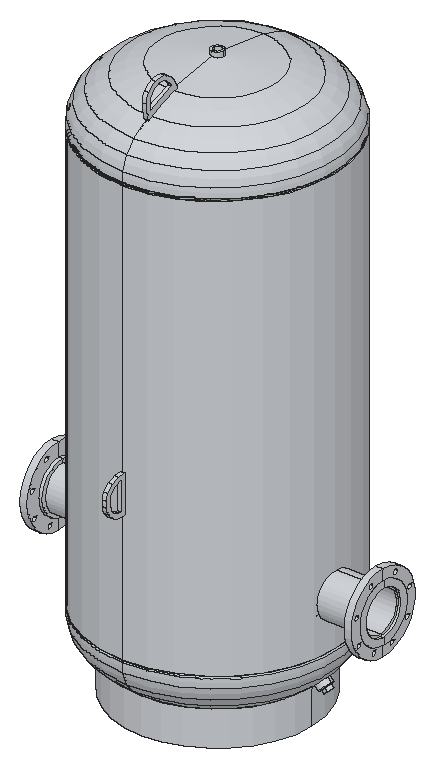
Revit family "CBT-200-5", category Generic Models, Revit 2014
Parameters (values of type "CBT-200-5")
  URL = "http://westank.com/"
  Tank Volume = 200.00 gal
  Part Number = 55300200
  Model = "CBT-200-5"
  Maximum Shipping Weight = 555 lbf
  Flange Connector Diameter = 5"
  Description = "Wessels ASME Chilled Water Buffer Tanks (CBT) are designed for chilled water systems with insufficient water volume capacity in relation to the chiller capacity."
  D = 16"
  C = 24"
  B = 72"
  A = 30"
Reference planes (in)
  plane 1 "Center (Front/Back)": y = 0
  plane 2: z = 0
  plane 3 "Center (Left/Right)": x = 0
  plane 4: through (12.55282, -180, 5.24135) normal (0.8192, 0, -0.5736)
  plane 5: x = -15
  plane 6: x = 15
  plane 7: z = 0
  plane 8: z = 72
  plane 9: y = 15
  plane 10: y = -15
  plane 11: x = -12
  plane 12: x = 12
  plane 13: z = 16
Forms (in)
  Revolve 1, solid
    sketch origin (0, -0.02461, 0) x (0, 1, 0) y (0, 0, 1)
      loop
        line (-14.97539, 9.87397) -> (-14.812, 9.87397)
        arc (-14.812, 9.87397) -> (-14.83596, 9.78454) -> (-14.90143, 9.71907) r 0.17887
        arc (-14.90143, 9.71907) -> (-14.94991, 9.64836) -> (-14.97579, 9.56662) r 0.29232
        arc (-14.97579, 9.56662) -> (-14.96586, 8.98455) -> (-14.89468, 8.40676) r 5.51955
        arc (-14.89468, 8.40676) -> (-14.65184, 7.56116) -> (-14.23912, 6.78419) r 4.22443
        arc (-14.23912, 6.78419) -> (-13.71208, 6.0842) -> (-13.11424, 5.44361) r 8.30764
        arc (-13.11424, 5.44361) -> (-11.99363, 4.5369) -> (-10.73315, 3.83755) r 8.30764
        arc (-10.73315, 3.83755) -> (-9.02248, 3.06195) -> (-7.23223, 2.49367) r 15.88746
        arc (-7.23223, 2.49367) -> (-3.63165, 1.79117) -> (0.02461, 1.49214) r 33.04234
        line (0.02461, 1.49214) -> (0.02461, 1.66407)
        arc (0.02461, 1.66407) -> (-3.61037, 1.96174) -> (-7.19, 2.66027) r 32.87047
        arc (-7.19, 2.66027) -> (-8.96351, 3.22342) -> (-10.65802, 3.99223) r 15.71558
        arc (-10.65802, 3.99223) -> (-11.8952, 4.67783) -> (-12.99495, 5.56734) r 8.13577
        arc (-12.99495, 5.56734) -> (-13.58042, 6.19468) -> (-14.09655, 6.88019) r 8.13577
        arc (-14.09655, 6.88019) -> (-14.49248, 7.62554) -> (-14.72544, 8.43674) r 4.05256
        arc (-14.72544, 8.43674) -> (-14.79395, 8.9901) -> (-14.80447, 9.54759) r 5.34767
        arc (-14.80447, 9.54759) -> (-14.7971, 9.56945) -> (-14.78569, 9.5895) r 0.12044
        arc (-14.78569, 9.5895) -> (-14.67439, 9.72277) -> (-14.64064, 9.89308) r 0.35074
        line (-14.64064, 9.89308) -> (-14.84715, 9.89308) -> (-14.84715, 63.61189) -> (-14.64151, 63.61189)
        arc (-14.64151, 63.61189) -> (-14.67184, 63.78882) -> (-14.78573, 63.92758) r 0.35074
        arc (-14.78573, 63.92758) -> (-14.79712, 63.94763) -> (-14.80449, 63.96948) r 0.12045
        arc (-14.80449, 63.96948) -> (-14.79397, 64.52697) -> (-14.72546, 65.08033) r 5.34768
        arc (-14.72546, 65.08033) -> (-14.4925, 65.89153) -> (-14.09657, 66.63689) r 4.05257
        arc (-14.09657, 66.63689) -> (-13.58043, 67.3224) -> (-12.99497, 67.94973) r 8.13578
        arc (-12.99497, 67.94973) -> (-11.89524, 68.83924) -> (-10.65807, 69.52483) r 8.13578
        arc (-10.65807, 69.52483) -> (-8.96355, 70.29364) -> (-7.19005, 70.85678) r 15.71558
        arc (-7.19005, 70.85678) -> (-3.61055, 71.55529) -> (0.02429, 71.85297) r 32.87045
        line (0.02429, 71.85297) -> (0.02429, 72.02671)
        arc (0.02429, 72.02671) -> (-3.63245, 71.72766) -> (-7.2335, 71.02507) r 33.04334
        arc (-7.2335, 71.02507) -> (-9.02402, 70.45667) -> (-10.73493, 69.68092) r 15.88853
        arc (-10.73493, 69.68092) -> (-11.99625, 68.98117) -> (-13.11754, 68.07383) r 8.30893
        arc (-13.11754, 68.07383) -> (-13.7162, 67.43239) -> (-14.24389, 66.7314) r 8.30923
        arc (-14.24389, 66.7314) -> (-14.65697, 65.95395) -> (-14.90005, 65.1078) r 4.22701
        arc (-14.90005, 65.1078) -> (-14.97148, 64.52727) -> (-14.98111, 63.94244) r 5.52257
        arc (-14.98111, 63.94244) -> (-14.95423, 63.85606) -> (-14.90267, 63.78173) r 0.29803
        arc (-14.90267, 63.78173) -> (-14.837, 63.7147) -> (-14.81302, 63.62397) r 0.18362
        line (-14.81302, 63.62397) -> (-14.97539, 63.62397) -> (-14.97539, 9.87397)
      axis (0.02461, 1.49214) -> (0.02461, 72.02671)
    angle from 0 to 360
  Revolve 2, solid
    sketch origin (0, 0, 0.49995) x (-1, 0, 0) y (0, 0, 1)
      loop
        line (19.5639, 12.72059) -> (19.5639, 12.28005) -> (20.06347, 12.28005) -> (20.06347, 10.50033) -> (20.93847, 10.50033) -> (20.93847, 11.84363) -> (21.00097, 11.84363) -> (21.00097, 12.72059) -> (19.5639, 12.72059)
      axis (21.00097, 15.50005) -> (19.5639, 15.50005)
    angle from 0 to 360
  Revolve 3, solid
    sketch origin (-1.82085, 0, 2.88409) x (0.981353, 0, -0.192215) y (0.192215, 0, 0.981353)
      loop
        line (14.71753, 6.11956) -> (14.66586, 6.1556) -> (14.25436, 5.56561) -> (14.86992, 5.13627) -> (15.24588, 5.6753) -> (15.19462, 5.71106) -> (15.31904, 5.88945) -> (14.80641, 6.24699) -> (14.71753, 6.11956)
      axis (14.25436, 5.56561) -> (14.86992, 5.13627)
    angle from 0 to 360
  Extrusion 4, solid
    sketch origin (13.38203, -180, 6.13049) x (0.718765, 0, 0.695254) y (0, -1, 0)
      loop
        line (-0.16036, -179.52645) -> (-0.95521, -179.68698) -> (-0.79485, -180.48095) -> (0, -180.32042) -> (-0.16036, -179.52645)
    from 1.02698 to 1.52678
  Extrusion 5, solid
    sketch origin (0, -2.93535, 4.97257) x (0, 1, 0) y (0, 0, 1)
      loop
        line (-11.93439, 21.33067) -> (-11.93439, 26.202)
        arc (-11.93439, 26.202) -> (-12.47846, 26.15164) -> (-13.01533, 26.05008) r 5.77422
        arc (-13.01533, 26.05008) -> (-13.49297, 25.89754) -> (-13.94252, 25.67548) r 3.35288
        arc (-13.94252, 25.67548) -> (-14.34081, 25.36666) -> (-14.64962, 24.96837) r 2.0073
        arc (-14.64962, 24.96837) -> (-14.80343, 24.58932) -> (-14.88788, 24.18906) r 2.30742
        arc (-14.88788, 24.18906) -> (-14.91277, 23.77188) -> (-14.88788, 23.3547) r 3.50846
        arc (-14.88788, 23.3547) -> (-14.79412, 22.92876) -> (-14.61961, 22.52904) r 2.24053
        arc (-14.61961, 22.52904) -> (-14.27401, 22.08806) -> (-13.80999, 21.77406) r 1.8078
        arc (-13.80999, 21.77406) -> (-13.34321, 21.55591) -> (-12.84107, 21.44044) r 2.44481
        arc (-12.84107, 21.44044) -> (-12.39043, 21.36326) -> (-11.93439, 21.33067) r 4.65484
      loop
        arc (-12.44611, 25.63929) -> (-12.67227, 25.60073) -> (-12.89654, 25.55235) r 5.2625
        arc (-12.89654, 25.55235) -> (-13.30128, 25.42308) -> (-13.68221, 25.23491) r 2.84116
        arc (-13.68221, 25.23491) -> (-13.97364, 25.01013) -> (-14.20134, 24.72098) r 1.49558
        arc (-14.20134, 24.72098) -> (-14.3163, 24.43235) -> (-14.37979, 24.12821) r 1.7957
        arc (-14.37979, 24.12821) -> (-14.40106, 23.77188) -> (-14.37979, 23.41555) r 2.99674
        arc (-14.37979, 23.41555) -> (-14.30745, 23.08689) -> (-14.17279, 22.77846) r 1.72881
        arc (-14.17279, 22.77846) -> (-13.91552, 22.45353) -> (-13.56884, 22.22643) r 1.29608
        arc (-13.56884, 22.22643) -> (-13.1779, 22.0402) -> (-12.75531, 21.94566) r 1.9331
        arc (-12.75531, 21.94566) -> (-12.60126, 21.91347) -> (-12.44611, 21.88716) r 4.14312
        line (-12.44611, 21.88716) -> (-12.44611, 25.63929)
    from -0.24366 to 0.25634
  Extrusion 6, solid
    sketch origin (0, -26.96034, 51.14612) x (0, 0.366501, -0.930418) y (0, 0.930418, 0.366501)
      loop
        arc (-11.9298, 25.67102) -> (-12.15596, 25.63246) -> (-12.38023, 25.58408) r 5.2625
        arc (-12.38023, 25.58408) -> (-12.78497, 25.45482) -> (-13.16591, 25.26664) r 2.84116
        arc (-13.16591, 25.26664) -> (-13.45733, 25.04186) -> (-13.68503, 24.75271) r 1.49558
        arc (-13.68503, 24.75271) -> (-13.8, 24.46408) -> (-13.86349, 24.15994) r 1.7957
        arc (-13.86349, 24.15994) -> (-13.88475, 23.80361) -> (-13.86349, 23.44728) r 2.99674
        arc (-13.86349, 23.44728) -> (-13.79114, 23.11862) -> (-13.65649, 22.81019) r 1.72881
        arc (-13.65649, 22.81019) -> (-13.39922, 22.48527) -> (-13.05253, 22.25816) r 1.29608
        arc (-13.05253, 22.25816) -> (-12.66159, 22.07193) -> (-12.239, 21.97739) r 1.9331
        arc (-12.239, 21.97739) -> (-12.08496, 21.94521) -> (-11.9298, 21.91889) r 4.14312
        line (-11.9298, 21.91889) -> (-11.9298, 25.67102)
      loop
        line (-10.9298, 21.34797) -> (-10.9298, 26.14148)
        arc (-10.9298, 26.14148) -> (-11.99706, 26.18465) -> (-13.02719, 25.90227) r 3.48194
        arc (-13.02719, 25.90227) -> (-13.54727, 25.6041) -> (-13.99851, 25.20943) r 3.03185
        arc (-13.99851, 25.20943) -> (-14.28248, 24.55653) -> (-14.39992, 23.8543) r 2.91879
        arc (-14.39992, 23.8543) -> (-14.3348, 23.1787) -> (-14.08611, 22.54717) r 2.44012
        arc (-14.08611, 22.54717) -> (-13.716, 22.08641) -> (-13.21844, 21.76749) r 1.83162
        arc (-13.21844, 21.76749) -> (-12.09799, 21.42749) -> (-10.9298, 21.34797) r 5.1769
    from -0.24366 to 0.25634
  Extrusion 7, solid
    sketch origin (0, 0, 0) x (1, 0, 0) y (0, 1, 0)
      loop
        circle (0, 0) r 0.75
      loop
        circle (0, 0) r 0.5
    from 71.36613 to 72.49354
  Extrusion 8, void
    sketch origin (0, 0.13917, 0.91745) x (0, 1, 0) y (0, 0, -1)
      loop
        circle (1.79532, -18.86727) r 0.37532
      loop
        circle (3.68819, -12.9893) r 0.37532
      loop
        circle (4.04661, -16.25839) r 0.37532
      loop
        circle (1.28728, -11.12902) r 0.37532
      loop
        circle (-2.07366, -18.86727) r 0.37532
      loop
        circle (-3.96653, -12.9893) r 0.37532
      loop
        circle (-4.32495, -16.25839) r 0.37532
      loop
        circle (-1.56562, -11.12902) r 0.37532
    from 19.2057 to 22.25
  Extrusion 9, void
    sketch origin (0, 0, 0) x (1, 0, 0) y (0, 1, 0)
      loop
        circle (0, 0) r 0.5
    from 70.90268 to 73.75579
  Revolve 10, solid
    sketch origin (0, 0, 0) x (1, 0, 0) y (0, 0, 1)
      loop
        line (11.87609, 4.44941) -> (11.87609, 0) -> (12, 0) -> (12, 4.44941) -> (11.87609, 4.44941)
      axis (0, 4.44941) -> (0, 0)
    angle from 0 to 360
  Revolve 11, solid
    sketch origin (0, 0, 0.49995) x (1, 0, 0) y (0, 0, 1)
      loop
        line (-14.0014, 12.71873) -> (-14.0014, 12.97458) -> (-20.62597, 12.97458) -> (-20.62597, 12.71873) -> (-14.0014, 12.71873)
      axis (-20.62597, 15.50005) -> (-14.0014, 15.50005)
    angle from 0 to 360
  Extrusion 12, void
    sketch origin (0, 0, 0.25) x (0, 1, 0) y (0, 0, 1)
      loop
        circle (0, 15.75) r 2.52547
    from -18.86806 to 18.76515
  Revolve 13, solid
    sketch origin (0, 0, 0.49995) x (1, 0, 0) y (0, 0, 1)
      loop
        line (19.5639, 12.72059) -> (19.5639, 12.28005) -> (20.06347, 12.28005) -> (20.06347, 10.50033) -> (20.93847, 10.50033) -> (20.93847, 11.84363) -> (21.00097, 11.84363) -> (21.00097, 12.72059) -> (19.5639, 12.72059)
      axis (21.00097, 15.50005) -> (19.5639, 15.50005)
    angle from 0 to 360
  Extrusion 14, void
    sketch origin (0, 0.13917, 0.91745) x (0, 1, 0) y (0, 0, 1)
      loop
        circle (1.28728, 11.12902) r 0.37532
      loop
        circle (-1.56562, 11.12902) r 0.37532
      loop
        circle (-4.32495, 16.25839) r 0.37532
      loop
        circle (-2.07366, 18.86727) r 0.37532
      loop
        circle (1.79532, 18.86727) r 0.37532
      loop
        circle (4.04661, 16.25839) r 0.37532
      loop
        circle (3.68819, 12.9893) r 0.37532
      loop
        circle (-3.96653, 12.9893) r 0.37532
    from 19.2057 to 22.25
  Revolve 15, solid
    sketch origin (0, 0, 0.49995) x (-1, 0, 0) y (0, 0, 1)
      loop
        line (-14.0014, 12.71873) -> (-14.0014, 12.97458) -> (-20.62597, 12.97458) -> (-20.62597, 12.71873) -> (-14.0014, 12.71873)
      axis (-20.62597, 15.50005) -> (-14.0014, 15.50005)
    angle from 0 to 360
Cuts and joins
  joined: Extrusion 4, Extrusion 5, Extrusion 6, Extrusion 7, Revolve 10
  Extrusion 9, Extrusion 12 cuts Revolve 1
  Extrusion 8, Extrusion 14 cuts Revolve 2
  Extrusion 14 cuts Revolve 13
Dimensions and locks (in)
  equal spacing: plane 6, plane 3 "Center (Left/Right)", plane 5
  "A": plane 6 to plane 5
  "B": plane 8 to level
  equal spacing: plane 9, plane 1 "Center (Front/Back)", plane 10
  "A": plane 9 to plane 10
  equal spacing: plane 12, plane 3 "Center (Left/Right)", plane 11
  "C": plane 12 to plane 11
  "D": plane 13 to level
  aligned and locked: plane 2 to level
  aligned and locked: Revolve 10 sketch curve to plane 3 "Center (Left/Right)"
Automatic sketch dimensions
  Revolve 1 sketch curve to Revolve 1 sketch curve = 0"  (x33)
  Revolve 1 sketch curve to plane 10 = 0"
  Revolve 1 sketch curve to plane 1 "Center (Front/Back)" = 0"  (x2)
  Revolve 1 sketch curve to Revolve 1 sketch curve = 0.01547"
  plane 10 to Revolve 1 sketch curve = 0.01547"
  Revolve 1 sketch curve to Revolve 1 sketch curve = 0.00578"
  Revolve 1 sketch curve to plane 10 = 0.12824"
  Revolve 1 sketch curve to Revolve 1 sketch curve = 0.03413"
  Revolve 1 sketch curve to Revolve 1 sketch curve = 9/256"
  Revolve 1 sketch curve to plane 10 = 0.28821"
  Revolve 1 sketch curve to plane 10 = 0.28822"
  Revolve 1 sketch curve to Revolve 1 sketch curve = 0.00078"
  Revolve 1 sketch curve to Revolve 1 sketch curve = 0.17151"
  Revolve 1 sketch curve to Revolve 1 sketch curve = 0.17135"
  Revolve 1 sketch curve to Revolve 1 sketch curve = 3.94929"
  Revolve 1 sketch curve to Revolve 1 sketch curve = 0.00287"
  Revolve 1 sketch curve to Revolve 1 sketch curve = 3.95216"
  Revolve 1 sketch curve to Revolve 1 sketch curve = 1.2728"
  Revolve 1 sketch curve to Revolve 1 sketch curve = 0.00246"
  Revolve 1 sketch curve to Revolve 1 sketch curve = 1.27526"
  Revolve 1 sketch curve to Revolve 1 sketch curve = 2.11145"
  Revolve 1 sketch curve to Revolve 1 sketch curve = 0.00084"
  Revolve 1 sketch curve to Revolve 1 sketch curve = 0.00187"
  Revolve 1 sketch curve to Revolve 1 sketch curve = 2.11171"
  plane 1 "Center (Front/Back)" to Revolve 1 sketch curve = 3.35442"
  Revolve 1 sketch curve to Revolve 1 sketch curve = 0.00082"
  plane 13 to Revolve 1 sketch curve = 1.89417"
  plane 1 "Center (Front/Back)" to Revolve 1 sketch curve = 3.35353"
  plane 1 "Center (Front/Back)" to Revolve 1 sketch curve = 0.00031"
  Revolve 1 sketch curve to plane 1 "Center (Front/Back)" = 0.86039"
  Revolve 1 sketch curve to Revolve 1 sketch curve = 0.00067"
  Revolve 1 sketch curve to plane 1 "Center (Front/Back)" = 0.86116"
  Revolve 1 sketch curve to plane 13 = 4.57575"
  Revolve 1 sketch curve to plane 13 = 6.10692"
  Revolve 1 sketch curve to Revolve 1 sketch curve = 0.01911"  (x2)
  Revolve 1 sketch curve to Revolve 1 sketch curve = 0.35376"
  Revolve 1 sketch curve to Revolve 1 sketch curve = 2 7/128"
  Revolve 1 sketch curve to Revolve 1 sketch curve = 0.22592"
  level to Revolve 1 sketch curve = 1 85/128"
  Revolve 1 sketch curve to Revolve 1 sketch curve = 0.17193"
  Revolve 1 sketch curve to Revolve 1 sketch curve = 16.62909"
  Revolve 1 sketch curve to Revolve 1 sketch curve = 4.47055"
  Revolve 1 sketch curve to Revolve 1 sketch curve = 0.00077"
  Revolve 1 sketch curve to plane 8 = 16.37712"
  Revolve 1 sketch curve to Revolve 1 sketch curve = 0.00068"
  Revolve 1 sketch curve to Revolve 1 sketch curve = 6.46799"
  Revolve 1 sketch curve to Revolve 1 sketch curve = 0.00123"
  Revolve 1 sketch curve to Revolve 1 sketch curve = 0.00005"
  Revolve 1 sketch curve to Revolve 1 sketch curve = 1.52034"
  Revolve 1 sketch curve to Revolve 1 sketch curve = 0.01209"
  Revolve 1 sketch curve to Revolve 1 sketch curve = 0.3749"
  Revolve 1 sketch curve to Revolve 1 sketch curve = 0.01007"
  Revolve 1 sketch curve to Revolve 1 sketch curve = 2.05124"
  Revolve 1 sketch curve to Revolve 1 sketch curve = 0.00348"
  Revolve 1 sketch curve to Revolve 1 sketch curve = 0.2261"
  Revolve 1 sketch curve to Revolve 1 sketch curve = 0.0033"
  Revolve 1 sketch curve to plane 8 = 0.14703"
  plane 8 to Revolve 1 sketch curve = 0.02671"
  plane 10 to Revolve 1 sketch curve = 0.0004"
  plane 10 to Revolve 1 sketch curve = 0.00572"
  Revolve 1 sketch curve to plane 10 = 0.07272"
  Revolve 1 sketch curve to plane 10 = 0.07396"
  Revolve 1 sketch curve to Revolve 1 sketch curve = 0.11808"
  Revolve 1 sketch curve to Revolve 1 sketch curve = 0.11729"
  Revolve 1 sketch curve to Revolve 1 sketch curve = 0.01876"
  Revolve 1 sketch curve to Revolve 1 sketch curve = 0.01878"
  Revolve 1 sketch curve to Revolve 1 sketch curve = 0.14732"
  Revolve 1 sketch curve to Revolve 1 sketch curve = 0.97903"
  Revolve 1 sketch curve to Revolve 1 sketch curve = 0.98231"
  Revolve 1 sketch curve to Revolve 1 sketch curve = 0.12257"
  Revolve 1 sketch curve to Revolve 1 sketch curve = 0.1193"
  Revolve 1 sketch curve to plane 8 = 2.31908"
  Revolve 1 sketch curve to Revolve 1 sketch curve = 2.26179"
  Revolve 1 sketch curve to Revolve 1 sketch curve = 0.07686"
  Revolve 1 sketch curve to Revolve 1 sketch curve = 0.07513"
  Revolve 1 sketch curve to Revolve 1 sketch curve = 5.63017"
  Revolve 1 sketch curve to Revolve 1 sketch curve = 1.88017"
  Revolve 2 sketch curve to plane 13 = 0"
  plane 5 to Revolve 2 sketch curve = 4.5639"
  Revolve 2 sketch curve to Revolve 2 sketch curve = 0.49957"
  Revolve 2 sketch curve to Revolve 2 sketch curve = 7/8"
  Revolve 2 sketch curve to Revolve 2 sketch curve = 1/16"
  plane 13 to Revolve 2 sketch curve = 2.77947"
  Revolve 2 sketch curve to Revolve 2 sketch curve = 0.44053"
  Revolve 2 sketch curve to Revolve 2 sketch curve = 0.87696"
  Revolve 2 sketch curve to Revolve 2 sketch curve = 1.3433"
  Revolve 2 sketch curve to plane 5 = 0.9986"
  Revolve 2 sketch curve to Revolve 2 sketch curve = 0.68278"
  plane 4 to Revolve 3 sketch curve = 0.35169"
  plane 12 to Revolve 3 sketch curve = 1.2375"
  Revolve 3 sketch curve to Revolve 3 sketch curve = 0.4115"
  Revolve 3 sketch curve to Revolve 3 sketch curve = 0.05167"
  Revolve 3 sketch curve to Revolve 3 sketch curve = 0.08888"
  Revolve 3 sketch curve to Revolve 3 sketch curve = 0.61556"
  Revolve 3 sketch curve to Revolve 3 sketch curve = 0.47709"
  Revolve 3 sketch curve to Revolve 3 sketch curve = 0.05126"
  Revolve 3 sketch curve to Revolve 3 sketch curve = 0.42934"
  Revolve 3 sketch curve to Revolve 3 sketch curve = 0.12768"
  Revolve 3 sketch curve to Revolve 3 sketch curve = 0"  (x2)
  Revolve 3 sketch curve to Revolve 3 sketch curve = 0.08905"
  plane 1 "Center (Front/Back)" to Extrusion 4 sketch curve = 0.31302"
  Extrusion 4 sketch curve to plane 1 "Center (Front/Back)" = 0.48095"
  Extrusion 4 sketch curve to Extrusion 4 sketch curve = 0.16036"  (x2)
  plane 1 "Center (Front/Back)" to Extrusion 4 sketch curve = 0.47355"
  Extrusion 4 sketch curve to Extrusion 4 sketch curve = 0.79485"
  Extrusion 4 sketch curve to plane 1 "Center (Front/Back)" = 0.32042"
  Extrusion 5 sketch curve to Extrusion 5 sketch curve = 0"  (x24)
  plane 10 to Extrusion 5 sketch curve = 0.97644"
  Extrusion 5 sketch curve to Extrusion 5 sketch curve = 0.11966"
  Extrusion 5 sketch curve to Extrusion 5 sketch curve = 0.25819"
  Extrusion 5 sketch curve to Extrusion 5 sketch curve = 17/256"
  Extrusion 5 sketch curve to Extrusion 5 sketch curve = 0.04958"
  plane 10 to Extrusion 5 sketch curve = 0.38146"
  plane 10 to Extrusion 5 sketch curve = 0.17231"
  Extrusion 5 sketch curve to plane 10 = 0.13026"
  Extrusion 5 sketch curve to plane 10 = 0.23364"
  Extrusion 5 sketch curve to plane 10 = 0.38981"
  Extrusion 5 sketch curve to plane 10 = 0.66033"
  plane 13 to Extrusion 5 sketch curve = 9.40619"
  Extrusion 5 sketch curve to Extrusion 5 sketch curve = 0.89706"
  Extrusion 5 sketch curve to Extrusion 5 sketch curve = 0.55648"
  Extrusion 5 sketch curve to Extrusion 5 sketch curve = 0.90165"
  Extrusion 5 sketch curve to Extrusion 5 sketch curve = 0.62139"
  Extrusion 5 sketch curve to Extrusion 5 sketch curve = 27/128"
  Extrusion 5 sketch curve to Extrusion 5 sketch curve = 0.15076"
  Extrusion 5 sketch curve to Extrusion 5 sketch curve = 0.24641"
  Extrusion 5 sketch curve to Extrusion 5 sketch curve = 0.04716"
  Extrusion 5 sketch curve to Extrusion 5 sketch curve = 0.0326"
  Extrusion 5 sketch curve to Extrusion 5 sketch curve = 1.7246"
  Extrusion 5 sketch curve to Extrusion 5 sketch curve = 0.34507"
  Extrusion 5 sketch curve to Extrusion 5 sketch curve = 0.21764"
  Extrusion 5 sketch curve to Extrusion 5 sketch curve = 1.12273"
  Extrusion 5 sketch curve to Extrusion 5 sketch curve = 0.78568"
  Extrusion 5 sketch curve to Extrusion 5 sketch curve = 0.24115"
  Extrusion 5 sketch curve to Extrusion 5 sketch curve = 0.2603"
  Extrusion 5 sketch curve to Extrusion 5 sketch curve = 0.60395"
  Extrusion 5 sketch curve to Extrusion 5 sketch curve = 0.51913"
  Extrusion 5 sketch curve to Extrusion 5 sketch curve = 0.44682"
  Extrusion 5 sketch curve to Extrusion 5 sketch curve = 0.44829"
  Extrusion 7 sketch curve to Extrusion 7 sketch curve = 0"  (x2)
  plane 1 "Center (Front/Back)" to Extrusion 7 sketch curve = 0"
  Extrusion 7 sketch curve to plane 3 "Center (Left/Right)" = 0"
  Extrusion 9 sketch curve to Extrusion 9 sketch curve = 0"  (x2)
  plane 1 "Center (Front/Back)" to Extrusion 9 sketch curve = 0"
  Extrusion 9 sketch curve to plane 3 "Center (Left/Right)" = 0"
  Extrusion 9 sketch curve to plane 3 "Center (Left/Right)" = 1/2"
  Revolve 10 sketch curve to level = 0"
  Revolve 10 sketch curve to plane 12 = 0"
  Revolve 10 sketch curve to plane 12 = 0.12391"
  level to Revolve 10 sketch curve = 4.44941"
  level to Revolve 10 sketch curve = 4.69941"
  Revolve 10 sketch curve to Revolve 10 sketch curve = 1"
  Revolve 11 sketch curve to plane 13 = 0"
  Revolve 11 sketch curve to plane 13 = 2.78133"
  Revolve 11 sketch curve to plane 5 = 5.62597"
  plane 5 to Revolve 11 sketch curve = 0.9986"
  Revolve 11 sketch curve to Revolve 11 sketch curve = 0.25586"
  plane 5 to Revolve 11 sketch curve = 1.13985"
  Revolve 11 sketch curve to Revolve 11 sketch curve = 0.36015"
  Revolve 13 sketch curve to plane 13 = 0"
  plane 6 to Revolve 13 sketch curve = 4.5639"
  Revolve 13 sketch curve to Revolve 13 sketch curve = 0.49957"
  Revolve 13 sketch curve to Revolve 13 sketch curve = 7/8"
  Revolve 13 sketch curve to Revolve 13 sketch curve = 1/16"
  Revolve 13 sketch curve to plane 13 = 2.77947"
  Revolve 13 sketch curve to Revolve 13 sketch curve = 0.44053"
  Revolve 13 sketch curve to Revolve 13 sketch curve = 0.87696"
  Revolve 13 sketch curve to Revolve 13 sketch curve = 1.3433"
  Revolve 13 sketch curve to plane 6 = 0.9986"
  Revolve 13 sketch curve to Revolve 13 sketch curve = 0.68278"
  plane 1 "Center (Front/Back)" to Extrusion 14 sketch curve = 1.42645"
  Extrusion 14 sketch curve to plane 1 "Center (Front/Back)" = 1.42645"
  Extrusion 14 sketch curve to Extrusion 14 sketch curve = 0"  (x3)
  Revolve 15 sketch curve to plane 13 = 0"
  plane 13 to Revolve 15 sketch curve = 2.78133"
  Revolve 15 sketch curve to plane 6 = 5.62597"
  plane 6 to Revolve 15 sketch curve = 0.9986"
  Revolve 15 sketch curve to Revolve 15 sketch curve = 0.25586"
  plane 6 to Revolve 15 sketch curve = 1.13985"
  Revolve 15 sketch curve to Revolve 15 sketch curve = 0.36015"
  Extrusion 12 sketch curve to Extrusion 12 sketch curve = 0"  (x2)
  Extrusion 12 sketch curve to plane 1 "Center (Front/Back)" = 0"
  Extrusion 12 sketch curve to plane 13 = 0"
  Extrusion 12 sketch curve to Extrusion 12 sketch curve = 2.52547"
  plane 13 to Extrusion 8 sketch curve = 1.17584"  (x2)
  plane 1 "Center (Front/Back)" to Extrusion 8 sketch curve = 4.18578"
  Extrusion 8 sketch curve to Extrusion 8 sketch curve = 0.35843"  (x2)
  plane 1 "Center (Front/Back)" to Extrusion 8 sketch curve = 1.93449"
  plane 1 "Center (Front/Back)" to Extrusion 8 sketch curve = 1.42645"
  Extrusion 8 sketch curve to plane 1 "Center (Front/Back)" = 1.42645"
  Extrusion 8 sketch curve to plane 1 "Center (Front/Back)" = 1.93449"
  Extrusion 8 sketch curve to Extrusion 8 sketch curve = 2.40091"
  Extrusion 8 sketch curve to Extrusion 8 sketch curve = 2.60888"  (x2)
  Extrusion 8 sketch curve to plane 13 = 2.09325"  (x2)
  Extrusion 8 sketch curve to Extrusion 8 sketch curve = 1.86028"
  Extrusion 8 sketch curve to Extrusion 8 sketch curve = 0"
  Extrusion 14 sketch curve to Extrusion 14 sketch curve = 0.37532"  (x6)
  Extrusion 14 sketch curve to plane 13 = 3.95352"
  Extrusion 14 sketch curve to plane 13 = 2.09325"  (x2)
  Extrusion 14 sketch curve to Extrusion 14 sketch curve = 2.40091"  (x2)
  plane 13 to Extrusion 14 sketch curve = 1.17584"  (x2)
  Extrusion 14 sketch curve to Extrusion 14 sketch curve = 1.87598"
  Extrusion 14 sketch curve to plane 1 "Center (Front/Back)" = 1.93449"
  Extrusion 14 sketch curve to Extrusion 14 sketch curve = 2.60888"  (x2)
  Extrusion 14 sketch curve to Extrusion 14 sketch curve = 0.01689"
  plane 1 "Center (Front/Back)" to Extrusion 14 sketch curve = 1.93449"
  Extrusion 6 sketch curve to plane 8 = 0.60911"
  Extrusion 6 sketch curve to plane 10 = 5.26009"
  Extrusion 6 sketch curve to Extrusion 6 sketch curve = 0.03301"
  Extrusion 6 sketch curve to Extrusion 6 sketch curve = 0.08665"
  Extrusion 6 sketch curve to Extrusion 6 sketch curve = 0.34483"
  Extrusion 6 sketch curve to Extrusion 6 sketch curve = 17/256"
  Extrusion 6 sketch curve to Extrusion 6 sketch curve = 0.04958"
  Extrusion 6 sketch curve to Extrusion 6 sketch curve = 0.06885"
  Extrusion 6 sketch curve to Extrusion 6 sketch curve = 0.15073"
  Extrusion 6 sketch curve to Extrusion 6 sketch curve = 0.36028"
  Extrusion 6 sketch curve to Extrusion 6 sketch curve = 0.06601"
  Extrusion 6 sketch curve to Extrusion 6 sketch curve = 0.11815"
  Extrusion 6 sketch curve to Extrusion 6 sketch curve = 0.47821"
  Extrusion 6 sketch curve to Extrusion 6 sketch curve = 0.6151"
  Extrusion 6 sketch curve to Extrusion 6 sketch curve = 0.15011"
  Extrusion 6 sketch curve to Extrusion 6 sketch curve = 0.77126"
  Extrusion 6 sketch curve to Extrusion 6 sketch curve = 0.3849"
  Extrusion 6 sketch curve to Extrusion 6 sketch curve = 0.59588"
  Extrusion 6 sketch curve to Extrusion 6 sketch curve = 0.3061"
  Extrusion 6 sketch curve to Extrusion 6 sketch curve = 0.31529"
  Extrusion 6 sketch curve to Extrusion 6 sketch curve = 0.0954"
  Extrusion 6 sketch curve to Extrusion 6 sketch curve = 0.80625"
  Extrusion 6 sketch curve to Extrusion 6 sketch curve = 0.57092"
  Extrusion 6 sketch curve to Extrusion 6 sketch curve = 0.88262"
  Extrusion 6 sketch curve to Extrusion 6 sketch curve = 0.00686"
  Extrusion 6 sketch curve to Extrusion 6 sketch curve = 0.20406"
  Extrusion 6 sketch curve to Extrusion 6 sketch curve = 0.59172"
  Extrusion 6 sketch curve to Extrusion 6 sketch curve = 0.09548"
  Extrusion 6 sketch curve to Extrusion 6 sketch curve = 0.07607"
  Extrusion 6 sketch curve to Extrusion 6 sketch curve = 0.15093"
  Extrusion 6 sketch curve to Extrusion 6 sketch curve = 0.04716"
  Extrusion 6 sketch curve to Extrusion 6 sketch curve = 0.0326"
  Extrusion 6 sketch curve to Extrusion 6 sketch curve = 1.7246"
  Extrusion 6 sketch curve to Extrusion 6 sketch curve = 0.34507"
  Extrusion 6 sketch curve to Extrusion 6 sketch curve = 0.12538"
  Extrusion 6 sketch curve to Extrusion 6 sketch curve = 0.37807"
  Extrusion 6 sketch curve to Extrusion 6 sketch curve = 0"  (x6)
  Extrusion 6 sketch curve to Extrusion 6 sketch curve = 0.1659"
  Extrusion 6 sketch curve to Extrusion 6 sketch curve = 0.13872"
  Extrusion 6 sketch curve to Extrusion 6 sketch curve = 0.42962"
  Extrusion 6 sketch curve to Extrusion 6 sketch curve = 0.51913"
  Extrusion 6 sketch curve to Extrusion 6 sketch curve = 0.31348"
  radius of Extrusion 7 sketch curve = 3/4"
  radius of Extrusion 7 sketch curve = 1/2"
  radius of Extrusion 14 sketch curve = 0.37532"  (x2)
  radius of Extrusion 8 sketch curve = 0.37532"  (x8)
Connectors (in)
  piping at (21.00097, 0, 16), diameter 5, driven by "Flange Connector Diameter"
    settings: on Revolve 13, index 3, connector inside diameter 24", connector length 0", flow factor 0, pipe flow 0 GPM, pressure drop 0.00 psi, fitting loss kfactor 0, connector angle 0.00°, fixture units 0, engagement length 0", angle of deflection 0.00°, flow configuration 0, flow direction 0, fitting loss method 0, system type 7, joint type 0, gender type 0, connector reference index 4, connector utility 0, adjustable connector no, is connector primary yes, connector description ""
  piping at (-21.00097, 0, 16), diameter 5, driven by "Flange Connector Diameter"
    settings: on Revolve 2, index 4, connector inside diameter 24", connector length 0", flow factor 0, pipe flow 0 GPM, pressure drop 0.00 psi, fitting loss kfactor 0, connector angle 0.00°, fixture units 0, engagement length 0", angle of deflection 0.00°, flow configuration 0, flow direction 0, fitting loss method 0, system type 7, joint type 0, gender type 0, connector reference index 3, connector utility 0, adjustable connector no, is connector primary no, connector description ""
